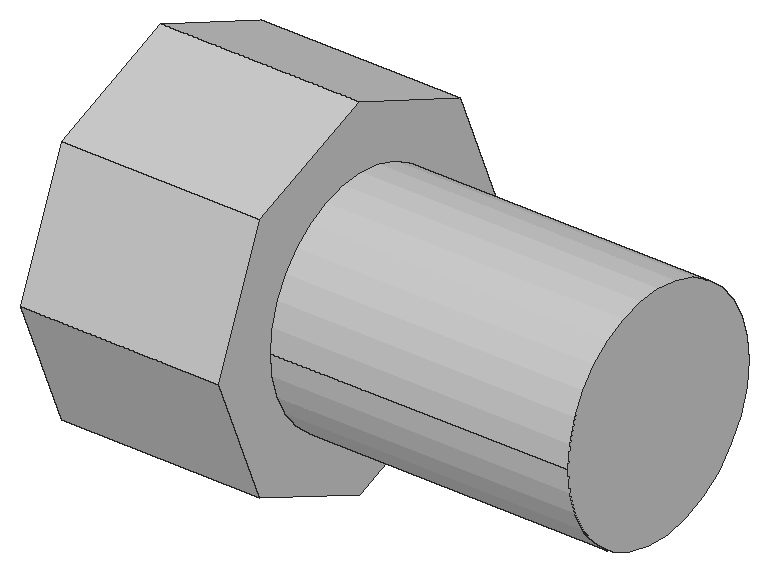
Revit family "VTr.654.N_Шланговый_Соединитель_Внутр_Резьба_Нерж_VALTEC", category Соединительные детали трубопроводов, Revit 2023
Family settings
  Размер круглого соединителя = Использовать диаметр
  Тип детали = Переход
  На основе рабочей плоскости = Нет
  Всегда вертикально = Да
  При загрузке вырезать с полостями = Нет
  Общий = Нет
Parameters
  Отметка по умолчанию = 0.00 mm
  l1 [instance] = 0.4 * L  # 17.60 mm
  dn2 [instance] = 20 mm
  dn1 [instance] = 20 mm
  d_гайки [instance] = size_lookup(LT, "d_гайки", 24.25 mm, dn1, dn2)  # 31.18 mm
  d1 [instance] = size_lookup(LT, "d1", 10.00 mm, dn1, dn2)  # 20.00 mm
  LT = "VTr.654.N_Шланговый_Соединитель_Внутр_Резьба_Нерж_VALTEC"  # constant formula
  L [instance] = size_lookup(LT, "L", 44.00 mm, dn1, dn2)  # 44.00 mm
  ADSK_Примечание [instance] = ""
  ADSK_Позиция [instance] = ""
  ADSK_Обозначение [instance] = ADSK_Марка  # "VTr.654.N.0520"
  ADSK_Наименование [instance] = size_lookup(LT, "", "Типоразмер не найден", dn1, dn2)  # "Штуцер для шланга 3/4 х 20 мм"
  ADSK_Материал = Сталь, нержавеющая - VALTEC
  ADSK_Масса [instance] = size_lookup(LT, "ADSK_Масса", 0, dn1, dn2)  # 0.68
  ADSK_Марка [instance] = size_lookup(LT, "ADSK_Марка", "Типоразмер не найден", dn1, dn2)  # "VTr.654.N.0520"
  ADSK_Количество = 1  # constant formula
  ADSK_Код изделия [instance] = "VTr.654.N"  # constant formula
  ADSK_Завод-изготовитель [instance] = "VALTEC"  # constant formula
  ADSK_Единица измерения = "шт."  # constant formula
Reference planes
  plane 1 "По центру (Вперед/Назад)": y = 0
  plane 2: z = 0
  plane 3 "По центру (Влево/Вправо)": x = 0
  plane 4: x = 22
  plane 5: x = -22
  plane 6: x = -4.4
  plane 7: x = 4.4
Forms (mm)
  Sweep 1, solid, material "Сталь, нержавеющая - VALTEC" <- "ADSK_Материал"
    path in 3D
      loop
        line (-4.4, 0, 0) -> (22, 0, 0)
    profile origin (8.8, 0, 0) x (0, 1, 0) y (0, 0, 1)
      loop
        circle (0, 0) r 10
Lines and regions (mm)
  model lines
    curve 1: line (-4.4, 0, 0) -> (22, 0, 0)
    curve 3: line (4.4, 0, 0) -> (-22, 0, 0)
  sketch lines
    curve 2: line (-4.4, 0, 0) -> (22, 0, 0)
Dimensions and locks
  equal spacing: plane 5, plane 3 "По центру (Влево/Вправо)", plane 4
  "L": plane 5 to plane 4
  "l1": plane 5 to plane 6
  "l1": plane 7 to plane 4
  "d1": diameter of Sweep 1 sketch curve
  aligned and locked: level to plane 2
  aligned and locked: plane 6 to curve 1
  aligned and locked: plane 4 to curve 1
  aligned and locked: plane 1 "По центру (Вперед/Назад)" to curve 1
  aligned and locked: plane 5 to nested 1
  aligned and locked: plane 7 to curve 3
  aligned and locked: plane 5 to curve 3
Automatic sketch dimensions
  plane 1 "По центру (Вперед/Назад)" to curve 3 = 0.00 mm
  Sweep 1 sketch curve to profile plane = 0.00 mm  (x2)
Nested families
  nested 1: "Гайка_8 сторон" at (-4.4, 0, 0) x (-1, 0, 0) z (0, 0, 1), L <- "l1", d <- "d_гайки", ADSK_Материал <- "ADSK_Материал", type "Гайка_8 сторон"
    with m 28.818 mm, d 31.18 mm, L 17.60 mm, ADSK_Материал Сталь, нержавеющая - VALTEC
Connectors
  piping at (-22, 0, 0), diameter 20, driven by "dn1"
    settings: on nested 1, index 1, connector inside diameter 609.6 mm, connector length 0.00 mm, flow factor 0, pipe flow 0.0 L/s, pressure drop 0.0 Pa, fitting loss kfactor 0, connector angle 0.00°, fixture units 0, engagement length 0.00 mm, angle of deflection 0.00°, flow configuration 0, flow direction 0, fitting loss method 0, system type 28, joint type 0, gender type 0, connector reference index -1, connector utility 0, adjustable connector no, is connector primary yes, connector description ""
  piping at (22, 0, 0), diameter 20, driven by "dn2"
    settings: on Sweep 1, index 2, connector inside diameter 609.6 mm, connector length 0.00 mm, flow factor 0, pipe flow 0.0 L/s, pressure drop 0.0 Pa, fitting loss kfactor 0, connector angle 0.00°, fixture units 0, engagement length 0.00 mm, angle of deflection 0.00°, flow configuration 0, flow direction 0, fitting loss method 0, system type 28, joint type 0, gender type 0, connector reference index -1, connector utility 0, adjustable connector no, is connector primary no, connector description ""
Definition of nested family "Гайка_8 сторон"
  Parameters (values of type "Гайка_8 сторон")
    Default Elevation = 0.00 mm
    m [instance] = (d / 2) / (2 * tan(180.00° / 6.3351)) * 2  # 60.075 mm
    d [instance] = 65.00 mm
    L [instance] = 40.346 mm
    ADSK_Материал [instance] = none
  Reference planes
    plane 1 "По центру (Вперед/Назад)": y = 0
    plane 2: z = 0
    plane 3 "По центру (Влево/Вправо)": x = 0
    plane 4: through (0, 0, 0) normal (0, 0.7071, -0.7071)
    plane 5: through (0, 0, 0) normal (0, 0.7071, 0.7071)
    plane 6: through (0, 0, 0) normal (0, 0.9239, -0.3827)
    plane 7: through (0, 0, 0) normal (0, 0.9239, 0.3827)
    plane 8: through (0, 29.684, -6.827) normal (0, 0.9239, -0.3827)
    plane 9: through (0, -25.818, 16.162) normal (0, 0.9239, -0.3827)
    plane 10: through (0, 0, 0) normal (0, 0.3827, 0.9239)
    plane 11: through (0, 0, 0) normal (0, -0.3827, 0.9239)
    plane 12: through (0, 34.476, 18.232) normal (0, 0.3827, 0.9239)
    plane 13: through (0, 11.486, -37.27) normal (0, 0.3827, 0.9239)
    plane 14: through (0, -34.476, 18.232) normal (0, 0.3827, -0.9239)
    plane 15: through (0, -11.486, -37.27) normal (0, 0.3827, -0.9239)
    plane 16: through (0, -37.27, 11.486) normal (0, -0.9239, -0.3827)
    plane 17: through (0, 18.232, 34.476) normal (0, -0.9239, -0.3827)
    plane 18: x = 40.346
  Forms (mm)
    Extrusion 1, solid, material <- "ADSK_Материал"
      sketch origin (0, 0, 0) x (0, 1, 0) y (0, 0, 1)
        loop
          line (0, 32.512) -> (-22.99, 22.99) -> (-32.512, 0) -> (-22.99, -22.99) -> (0, -32.512) -> (22.99, -22.99) -> (32.512, 0) -> (22.99, 22.99) -> (0, 32.512)
      from 0 to 40.346
  Dimensions and locks
    equal spacing: plane 8, plane 6, plane 9
    "m": plane 8 to plane 9
    equal spacing: plane 12, plane 10, plane 13
    "m": plane 12 to plane 13
    equal spacing: plane 15, plane 11, plane 14
    "m": plane 15 to plane 14
    equal spacing: plane 16, plane 7, plane 17
    "m": plane 16 to plane 17
    "L": plane 3 "По центру (Влево/Вправо)" to plane 18
    angle plane 14 to plane 7 = 90.00°
    aligned and locked: level to plane 2
    aligned and locked: Extrusion 1 sketch curve to plane 12
    aligned and locked: plane 17 to Extrusion 1 sketch curve
    aligned and locked: Extrusion 1 sketch curve to plane 8
    aligned and locked: plane 15 to Extrusion 1 sketch curve
    aligned and locked: Extrusion 1 sketch curve to plane 13
    aligned and locked: Extrusion 1 sketch curve to plane 16
    aligned and locked: Extrusion 1 sketch curve to plane 9
    aligned and locked: plane 14 to Extrusion 1 sketch curve
    aligned and locked: plane 18 to Extrusion 1
Types in the file's own list only (7): name | Отметка по умолчанию
  Штуцер для шланга 1/2 х 10 мм | 0.00 мм
  Штуцер для шланга 1/2 х 12 мм | 0.00 мм
  Штуцер для шланга 1/2 х 14 мм | 0.00 мм
  Штуцер для шланга 1/2 х 16 мм | 0.00 мм
  Штуцер для шланга 1/2 х 18 мм | 0.00 мм
  Штуцер для шланга 1/2 х 20 мм | 0.00 мм
  Штуцер для шланга 3/4 х 20 мм | 0.00 мм
